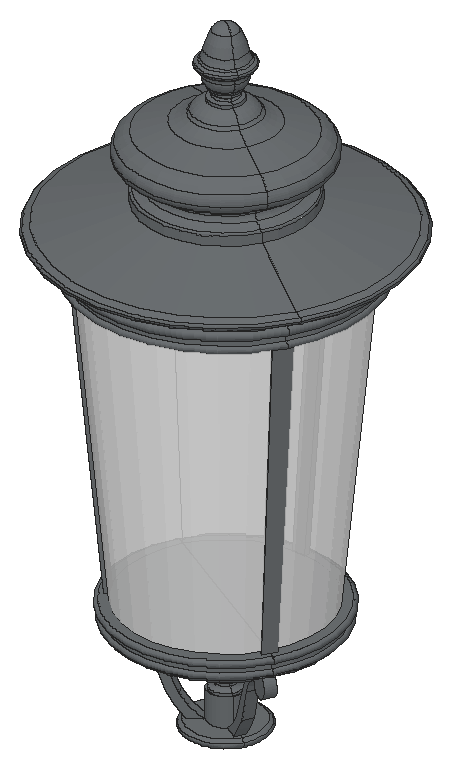
Revit family "Neri_Light 600_PU600L-Pooo", category Apparecchi per illuminazione, Revit 2018
Family settings
  Quota connettore circolare = Usa diametro
  Tipo di parte = Normale
  Numero OmniClass = 23.35.47.11
  Titolo OmniClass = Lighting Fixtures
  Basato su piano di lavoro = No
  Sempre verticale = Sì
  Taglio con vuoti quando caricato = No
  Sorgente d'illuminazione = Sì
  Condiviso = No
  Punto di calcolo locali = No
Parameters (values of type "PU600L_NLG06")
  Weight = "28.66 lb"
  Wattage = 30.2945 W
  W = "48"
  Voltage = "120-277 V"
  UniFormat II Description = "Lighting and Branch Wiring"
  UniFormat II Code = "D5020"
  URL = "https://www.nerinorthamerica.com/en/products/lighting/lighting-fixtures.aspx?idC=61745&LN=en-US"
  Region South America = "All"
  Region Oceania = "All"
  Region North America = "All"
  Region Middle East = "All"
  Region Europe = "All"
  Region Asia = "All"
  Region Africa = "All"
  Produttore = "Neri SpA"
  Product Name = "Light 600 - LED P"
  Product Certification = "UL Standard 1598 (C, US)"
  built-in parameter 1150110 = 1 (stored number, unit not read)
  Painting Steps = "Information about paint steps used on this product in specific technical sheet"
  Painting = "Standard color Dark Grey, type Neri - On demand features - Painting:colour of RAL range"
  Overvoltage Protection = "4kV/4kV (differential / common mode)"
  Optics = "NLG06"
  Operative Temperature = "-22F° / +104F°"
  OmniClass Description = "Lighting Fixtures"
  OmniClass Code = "23-35 47 11"
  NBS_UniClass 2015 Description = "Roadway Lighting Systems"
  NBS_UniClass 2015 Code = "Ss_70_80_25_70"
  Modello = "PU600L-P"
  Screen = PMMA Frosted
  Material Main = Die-Cast and Sheet Aluminum
  MasterFormat 2016 Description = "Exterior Lighting"
  MasterFormat 2016 Code = "26 56 00"
  Manufacturer Name = "Neri SpA"
  Manufacturer Country = "Italy"
  Luminous Efficacy = "80 Lm/W"
  Luminaire Classification System = "BUG: B2 U2 G1"
  Lighting Distribution/Class = "Rotosymmetrical - Mixed areas (Type V)"
  LOR = "85 %"
  Diametre = "1' - 3 3/8\""
  Lampada = "LED"
  Installation Instructions = "https://www.nerinorthamerica.com/upl/istruzioni/Z013_0001_002_Light%20600_LED-P_2014C.pdf"
  IP = "43"
  IK = "08"
  Height of Installation = "From 11.5' to 16.5'"
  Height = "2' - 7 1/8\""
  Frequency = "50-60 Hz"
  File diagramma fotometrico = "PU600L_NLG06.IES"
  built-in parameter 1114217 = 1 (stored number, unit not read)
  built-in parameter 1150109 = 1 (stored number, unit not read)
  Fasteners = "Stainless Steel"
  Estimated Life = "80.000 h (L85 - Ta 25°C)"
  Design Country = "Italy"
  Data Sheet = "https://www.nerinorthamerica.com/supporto/DownloadNeri.ashx?f=PU600LUS.pdf&LN=en-US"
  Control = "COD 02= 1-10V + NCL, COD 06=DALI + NCL, COD 14= NVL6H +NCL"
  Connection = "Upright installation on head post or bracket - Hole diam.1,10\"\" for attachment to the support"
  built-in parameter 1150134 = 12
  built-in parameter 1150113 = 1 (stored number, unit not read)
  Lumens = 4500 lm
  built-in parameter 1150115 = 1 (stored number, unit not read)
  built-in parameter 1150105 = 358.1 (stored number, unit not read)
  built-in parameter 1150137 = (empty or 0)
  built-in parameter 1150139 = (empty or 0)
  built-in parameter 1150112 = 1 (stored number, unit not read)
  built-in parameter 1150114 = 1 (stored number, unit not read)
  built-in parameter 1150132 = 2
  built-in parameter 1150102 = (empty or 0)
  built-in parameter 1150138 = (empty or 0)
  built-in parameter 1150107 = 4000 (stored number, unit not read)
  built-in parameter 1150106 = 3.581 (stored number, unit not read)
  built-in parameter 1150104 = 13.8 (stored number, unit not read)
  Dimming Lamp Color Temperature Shift = (empty or 0)
  Color Filter = 16777215
  built-in parameter 1114218 = 1 (stored number, unit not read)
  Class IES = "Cut-off"
  CRI = ">70"
  EPA = "1.41 ft²"
  Tilt Angle = 90.00°
  built-in parameter 1150133 = 10 (stored number, unit not read)
Types (3, lengths in mm): name | Optics | Luminaire Classification System | Lighting Distribution/Class | LOR | File diagramma fotometrico
  (no name) | "NLG06" | "BUG: B2 U2 G1" | "Rotosymmetrical - Mixed areas (Type V)" | "85 %" | "PU600L_NLG06.IES"
  PU600L_NLG02 | "NLG02" | "BUG: B1 U3 G1" | "Asymmetric - Roadways and mixed areas (Type III)" | "84 %" | "PU600L_NLG02.IES"
  PU600L_NLG06 | "NLG06" | "BUG: B2 U2 G1" | "Rotosymmetrical - Mixed areas (Type V)" | "85 %" | "PU600L_NLG06.IES"
Reference planes
  plane 1 "Asse sorgente illuminazione (F/B)": y = 440
  plane 2: z = 0
  plane 3 "Asse sorgente illuminazione (L/R)": x = 0
  plane 4 "Prospetto sorgente di illuminazione": z = 3500
Forms (mm)
  Revolve 1, solid, material "Die-Cast and Sheet Aluminum" <- "Material Main"
    sketch origin (550.632, 122.093, 1341.591) x (-0.866025, 0.5, 0) y (0, 0, 1)
      loop
        line (635.815, 2158.409) -> (635.815, 2489.634)
        arc (635.815, 2489.634) -> (626.164, 2487.047) -> (619.102, 2479.979) r 19.292
        arc (619.102, 2479.979) -> (613.175, 2467.545) -> (609.26, 2454.339) r 88.06
        arc (609.26, 2454.339) -> (607.816, 2449.137) -> (605.751, 2444.15) r 44.394
        arc (605.751, 2444.15) -> (604.775, 2442.701) -> (603.436, 2441.578) r 6.267
        arc (603.436, 2441.578) -> (600.883, 2440.347) -> (598.785, 2438.44) r 9.869
        arc (598.785, 2438.44) -> (598.093, 2437.067) -> (598.059, 2435.53) r 3.486
        arc (598.059, 2435.53) -> (598.56, 2434.171) -> (599.447, 2433.026) r 4.756
        arc (599.447, 2433.026) -> (600.313, 2432.487) -> (601.322, 2432.331) r 2.543
        arc (601.322, 2432.331) -> (603.238, 2431.025) -> (604.857, 2429.365) r 11.656
        arc (604.857, 2429.365) -> (606.66, 2426.084) -> (607.259, 2422.389) r 11.007
        arc (607.259, 2422.389) -> (608.64, 2415.217) -> (612.71, 2409.152) r 18.344
        line (612.71, 2409.152) -> (613.493, 2409.152) -> (613.493, 2406.846)
        arc (613.493, 2406.846) -> (614.054, 2405.49) -> (615.409, 2404.929) r 1.916
        line (615.409, 2404.929) -> (616.503, 2404.929) -> (616.503, 2400.489)
        arc (616.503, 2400.489) -> (618.906, 2399.562) -> (620.51, 2397.548) r 4.916
        arc (620.51, 2397.548) -> (620.003, 2395.458) -> (618.447, 2393.973) r 3.822
        arc (618.447, 2393.973) -> (615.66, 2392.867) -> (612.71, 2392.328) r 15.202
        line (612.71, 2392.328) -> (612.71, 2388.495)
        arc (612.71, 2388.495) -> (601.739, 2384.006) -> (593.495, 2375.488) r 28.89
        arc (593.495, 2375.488) -> (591.952, 2373.374) -> (590.136, 2371.49) r 19.214
        arc (590.136, 2371.49) -> (579.907, 2364.544) -> (568.32, 2360.232) r 51.588
        arc (568.32, 2360.232) -> (546.382, 2354.244) -> (524.847, 2346.941) r 375.674
        arc (524.847, 2346.941) -> (514.635, 2341.457) -> (506.264, 2333.439) r 42.892
        arc (506.264, 2333.439) -> (502.839, 2326.488) -> (502.6, 2318.742) r 18.285
        arc (502.6, 2318.742) -> (506.874, 2310.308) -> (515.549, 2306.547) r 13.927
        arc (515.549, 2306.547) -> (516.885, 2303.939) -> (519.002, 2301.913) r 8.818
        line (519.002, 2301.913) -> (521.567, 2301.913)
        arc (521.567, 2301.913) -> (527.441, 2301.244) -> (533.014, 2299.271) r 26.112
        arc (533.014, 2299.271) -> (538.073, 2293.898) -> (540.466, 2286.917) r 17.493
        arc (540.466, 2286.917) -> (539.588, 2282.621) -> (537.499, 2278.766) r 14.925
        arc (537.499, 2278.766) -> (531.955, 2274.98) -> (525.806, 2272.284) r 36.156
        arc (525.806, 2272.284) -> (523.91, 2271.499) -> (523.124, 2269.602) r 2.682
        line (523.124, 2269.602) -> (523.124, 2256.511) -> (408.925, 2225.482) -> (399.862, 2221.256)
        arc (399.862, 2221.256) -> (398.472, 2219.581) -> (397.934, 2217.471) r 4.954
        arc (397.934, 2217.471) -> (398.741, 2215.177) -> (400.324, 2213.332) r 6.592
        arc (400.324, 2213.332) -> (404.377, 2210.981) -> (408.944, 2209.937) r 15.623
        line (408.944, 2209.937) -> (417.516, 2209.937) -> (417.516, 2204.25) -> (427.711, 2204.25)
        arc (427.711, 2204.25) -> (436.609, 2198.619) -> (442.24, 2189.721) r 23.994
        arc (442.24, 2189.721) -> (436.029, 2183.151) -> (442.481, 2176.818) r 6.454
        line (442.481, 2176.818) -> (444.644, 2176.818) -> (444.644, 2167.822)
        arc (444.644, 2167.822) -> (439.937, 2163.115) -> (444.644, 2158.409) r 4.706
        line (444.644, 2158.409) -> (635.815, 2158.409)
      axis (635.815, 2489.634) -> (635.815, 2158.409)
    angle from 0 to 360
  Revolve 2, solid, material "PMMA Frosted" <- "Screen"
    sketch origin (551.425, 121.635, 1307.689) x (-0.866025, 0.5, 0) y (0, 0, 1)
      loop
        line (636.731, 2192.311) -> (459.389, 2192.311) -> (501.481, 1761.179) -> (636.731, 1761.179) -> (636.731, 2192.311)
      axis (636.731, 2192.311) -> (636.731, 1761.179)
    angle from 0 to 360
  Revolve 3, solid, material "Die-Cast and Sheet Aluminum" <- "Material Main"
    sketch origin (550.632, 122.093, 1114.091) x (-0.866025, 0.5, 0) y (0, 0, 1)
      loop
        line (635.815, 1924.434) -> (624.753, 1924.434) -> (624.753, 1847.721) -> (622.265, 1847.721) -> (622.265, 1845.333) -> (620.77, 1845.333)
        arc (620.77, 1845.333) -> (618.498, 1841.375) -> (614.463, 1839.243) r 8.205
        line (614.463, 1839.243) -> (614.463, 1836.386) -> (611.799, 1836.386) -> (611.799, 1796.062) -> (584.633, 1796.062)
        arc (584.633, 1796.062) -> (582.066, 1794.272) -> (579.936, 1791.978) r 14.66
        arc (579.936, 1791.978) -> (579.173, 1788.765) -> (580.989, 1786.007) r 4.163
        arc (580.989, 1786.007) -> (583.624, 1784.855) -> (586.491, 1784.636) r 8.598
        arc (586.491, 1784.636) -> (591.554, 1784.984) -> (596.627, 1785.099) r 110.184
        arc (596.627, 1785.099) -> (599.009, 1786.487) -> (601.603, 1787.419) r 15.105
        arc (601.603, 1787.419) -> (603.803, 1787.371) -> (605.654, 1786.18) r 4.05
        arc (605.654, 1786.18) -> (609.038, 1781.016) -> (610.819, 1775.104) r 21.554
        line (610.819, 1775.104) -> (635.815, 1775.104) -> (635.815, 1924.434)
      axis (635.815, 1924.434) -> (635.815, 1775.104)
    angle from 0 to 360
  Revolve 4, solid, material "Die-Cast and Sheet Aluminum" <- "Material Main"
    sketch origin (550.632, 122.093, 1263.421) x (-0.866025, 0.5, 0) y (0, 0, 1)
      loop
        line (635.815, 1805.447) -> (487.207, 1805.447)
        arc (487.207, 1805.447) -> (482.764, 1801.005) -> (487.207, 1796.562) r 4.443
        line (487.207, 1796.562) -> (489.783, 1796.562) -> (489.783, 1788.26)
        arc (489.783, 1788.26) -> (485.512, 1783.99) -> (489.783, 1779.719) r 4.271
        line (489.783, 1779.719) -> (491.121, 1779.719) -> (491.121, 1776.813)
        arc (491.121, 1776.813) -> (491.621, 1775.605) -> (492.83, 1775.104) r 1.709
        line (492.83, 1775.104) -> (635.815, 1775.104) -> (635.815, 1805.447)
      axis (635.815, 1805.447) -> (635.815, 1775.104)
    angle from 0 to 360
  Revolve 5, solid, material "Die-Cast and Sheet Aluminum" <- "Material Main"
    sketch origin (550.632, 122.093, 1341.591) x (-0.866025, 0.5, 0) y (0, 0, 1)
      loop
        line (458.473, 2158.409) -> (452.609, 2158.409) -> (494.702, 1727.277) -> (500.565, 1727.277) -> (458.473, 2158.409)
      axis (635.815, 2158.409) -> (635.815, 1727.277)
    angle from 4 to -4
  Extrusion 6, solid, material "Die-Cast and Sheet Aluminum" <- "Material Main"
    sketch origin (550.632, 122.093, 1341.591) x (-0.866025, 0.5, 0) y (0, 0, 1)
      loop
        arc (501.442, 1694.107) -> (493.43, 1677.607) -> (504.185, 1662.749) r 17.858
        arc (504.185, 1662.749) -> (509.805, 1661.683) -> (515.523, 1661.831) r 26.85
        arc (515.523, 1661.831) -> (520.791, 1663.992) -> (524.32, 1668.461) r 11.22
        arc (524.32, 1668.461) -> (525.259, 1672.953) -> (524.32, 1677.445) r 11.22
        arc (524.32, 1677.445) -> (540.203, 1666.505) -> (549.514, 1649.616) r 41.955
        arc (549.514, 1649.616) -> (557.377, 1625.417) -> (567.256, 1601.968) r 301
        arc (567.256, 1601.968) -> (577.531, 1584.269) -> (590.648, 1568.561) r 120.641
        line (590.648, 1568.561) -> (611.799, 1568.561)
        arc (611.799, 1568.561) -> (595.274, 1583.267) -> (582.073, 1601.018) r 108.535
        arc (582.073, 1601.018) -> (573.801, 1618.815) -> (566.766, 1637.136) r 286.945
        arc (566.766, 1637.136) -> (558.795, 1655.054) -> (550.193, 1672.677) r 552.816
        arc (550.193, 1672.677) -> (544.532, 1681.635) -> (537.33, 1689.409) r 57.812
        arc (537.33, 1689.409) -> (531.431, 1693.459) -> (524.687, 1695.852) r 27.533
        arc (524.687, 1695.852) -> (516.942, 1696.807) -> (509.149, 1696.394) r 44.472
        arc (509.149, 1696.394) -> (505.232, 1695.462) -> (501.442, 1694.107) r 36.677
    from 7.5 to -7.5
  Extrusion 7, solid, material "Die-Cast and Sheet Aluminum" <- "Material Main"
    sketch origin (-550.632, 122.093, 1341.591) x (0.866025, 0.5, 0) y (0, 0, -1)
      loop
        arc (501.442, -1694.107) -> (505.232, -1695.462) -> (509.149, -1696.394) r 36.677
        arc (509.149, -1696.394) -> (516.942, -1696.807) -> (524.687, -1695.852) r 44.472
        arc (524.687, -1695.852) -> (531.431, -1693.459) -> (537.33, -1689.409) r 27.533
        arc (537.33, -1689.409) -> (544.532, -1681.635) -> (550.193, -1672.677) r 57.812
        arc (550.193, -1672.677) -> (558.795, -1655.054) -> (566.766, -1637.136) r 552.816
        arc (566.766, -1637.136) -> (573.801, -1618.815) -> (582.073, -1601.018) r 286.945
        arc (582.073, -1601.018) -> (595.274, -1583.267) -> (611.799, -1568.561) r 108.535
        line (611.799, -1568.561) -> (590.648, -1568.561)
        arc (590.648, -1568.561) -> (577.531, -1584.269) -> (567.256, -1601.968) r 120.641
        arc (567.256, -1601.968) -> (557.377, -1625.417) -> (549.514, -1649.616) r 301
        arc (549.514, -1649.616) -> (540.203, -1666.505) -> (524.32, -1677.445) r 41.955
        arc (524.32, -1677.445) -> (525.259, -1672.953) -> (524.32, -1668.461) r 11.22
        arc (524.32, -1668.461) -> (520.791, -1663.992) -> (515.523, -1661.831) r 11.22
        arc (515.523, -1661.831) -> (509.805, -1661.683) -> (504.185, -1662.749) r 26.85
        arc (504.185, -1662.749) -> (493.43, -1677.607) -> (501.442, -1694.107) r 17.858
    from 7.5 to -7.5
  Extrusion 8, solid, material "Die-Cast and Sheet Aluminum" <- "Material Main"
    sketch origin (-10.757, 1075.724, 1341.591) x (0.016919, -0.999857, 0) y (0, 0, -1)
      loop
        arc (501.442, -1694.107) -> (505.232, -1695.462) -> (509.149, -1696.394) r 36.677
        arc (509.149, -1696.394) -> (516.942, -1696.807) -> (524.687, -1695.852) r 44.472
        arc (524.687, -1695.852) -> (531.431, -1693.459) -> (537.33, -1689.409) r 27.533
        arc (537.33, -1689.409) -> (544.532, -1681.635) -> (550.193, -1672.677) r 57.812
        arc (550.193, -1672.677) -> (558.795, -1655.054) -> (566.766, -1637.136) r 552.816
        arc (566.766, -1637.136) -> (573.801, -1618.815) -> (582.073, -1601.018) r 286.945
        arc (582.073, -1601.018) -> (595.274, -1583.267) -> (611.799, -1568.561) r 108.535
        line (611.799, -1568.561) -> (590.648, -1568.561)
        arc (590.648, -1568.561) -> (577.531, -1584.269) -> (567.256, -1601.968) r 120.641
        arc (567.256, -1601.968) -> (557.377, -1625.417) -> (549.514, -1649.616) r 301
        arc (549.514, -1649.616) -> (540.203, -1666.505) -> (524.32, -1677.445) r 41.955
        arc (524.32, -1677.445) -> (525.259, -1672.953) -> (524.32, -1668.461) r 11.22
        arc (524.32, -1668.461) -> (520.791, -1663.992) -> (515.523, -1661.831) r 11.22
        arc (515.523, -1661.831) -> (509.805, -1661.683) -> (504.185, -1662.749) r 26.85
        arc (504.185, -1662.749) -> (493.43, -1677.607) -> (501.442, -1694.107) r 17.858
    from 7.5 to -7.5
  Revolve 9, solid, material "Die-Cast and Sheet Aluminum" <- "Material Main"
    sketch origin (-550.632, 122.093, 1341.591) x (0.866025, 0.5, 0) y (0, 0, -1)
      loop
        line (458.473, -2158.409) -> (500.565, -1727.277) -> (494.702, -1727.277) -> (452.609, -2158.409) -> (458.473, -2158.409)
      axis (635.815, -2158.409) -> (635.815, -1727.277)
    angle from 4 to -4
  Revolve 10, solid, material "Die-Cast and Sheet Aluminum" <- "Material Main"
    sketch origin (0, 1075.815, 1341.591) x (0, -1, 0) y (0, 0, 1)
      loop
        line (458.473, 2158.409) -> (452.609, 2158.409) -> (494.702, 1727.277) -> (500.565, 1727.277) -> (458.473, 2158.409)
      axis (635.815, 2158.409) -> (635.815, 1727.277)
    angle from 4 to -4
Dimensions and locks
  aligned and locked: plane 4 "Prospetto sorgente di illuminazione" to imposter light
  aligned and locked: level to plane 2
